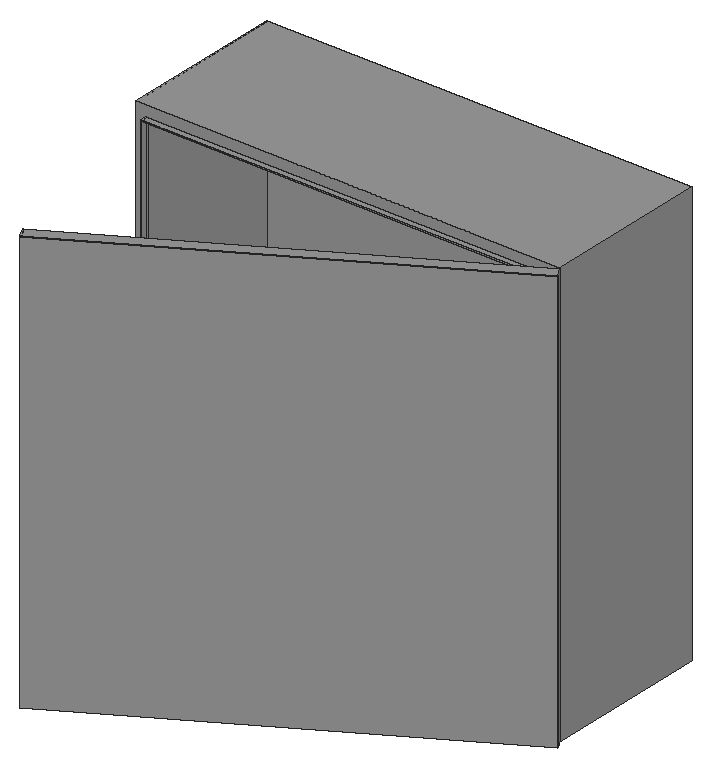
Revit family "Hager-Orion_Inox-IP65-D250-Cl.I-Inox_encl-630A-600mm-NoHosted-IT-it", category Equipement électrique, Revit 2020
Family settings
  Configuration du panneau = Deux colonnes, circuits au sein
  Cote de connecteur circulaire = Utiliser le diamètre
  Type d'élément = Tableau de raccordement
  Basée sur le plan de construction = Oui
  Toujours verticalement = Oui
  Couper avec des vides une fois chargée = Non
  Partagée = Non
  Point de calcul de pièce = Non
Parameters (values of type "incassato IP65 L600 A600 P250  - FL717BW")
  Width Control [instance] = if([EF000008 - Larghezza] > Min Width, [EF000008 - Larghezza], Min Width)  # 600 mm
  Commentaires du type = [HG000003 - Gamma]  # "Orion Inox"
  Thickness Door [instance] = if([EF009171 - spessore materiale porta/coperchio] > 3 mm, 3 mm, [EF009171 - spessore materiale porta/coperchio])  # 1.5 mm
  Seal Frame Offset [instance] = 17 mm  # constant formula
  Min Width [instance] = 100 mm  # constant formula
  Min Depth [instance] = (2 * [EF009170 - spessore materiale scatola]) + 1 mm  # 3.4 mm
  Min Height [instance] = 100 mm  # constant formula
  Internal Frame Depth [instance] = -(Door System Depth * 0.5)  # -9 mm
  Panel Name [instance] = ""  # (empty or 0)
  Model = ""
  HG000027 - Altezza dello zoccolo = 0 mm
  HG000026 - A pavimento = no
  HG000024 - Altezza della sezione inferiore = 600 mm
  HG000023 - Custodia a doppia sezione = no
  HG000016 - Visibilità delle porte nella vista 3D [instance] = yes
  HG000015 - Visibilità attraverso la porta [instance] = no
  HG000014 - Porta destra [instance] = yes
  HG000013 - Porta sinistra [instance] = not([HG000014 - Porta destra])  # no
  HG000012 - Angolo di apertura della porta [instance] = 30.00°
  HG000010 - Porte asimmetriche = no
  HG000009 - Porta doppia a battente = no
  HG000006 - Ad incasso = yes
  HG000004 - Codice produttore = "FL717BW"
  HG000003 - Gamma = "Orion Inox"
  HG000002 - Con porta = yes
  Frame Offset Bottom [instance] = 10 mm  # constant formula
  Frame Offset [instance] = 15 mm  # constant formula
  EF015940 - Coprire con rilascio di sovrapressione = no
  EF011959 - tipo di protezione (NEMA) = ""
  EF009554 - numero delle aperture per la piastra della flangia = 2
  EF009212 - esecuzione coperchio = "EV009916 - con taglio"
  EF009171 - spessore materiale porta/coperchio = 1.5 mm
  EF009170 - spessore materiale scatola = 1.2 mm
  EF008873 - corrente nominale (In) = 630 A
  EF007800 - adatto per parafulmine = no
  EF006306 - con serratura = yes
  EF006244 - coperchio/porta trasparente = no
  EF005474 - grado di protezione (IP) = "EV006421 - IP65"
  EF004464 - tipo di porta = "EV002646 - singolo"
  EF004427 - numero di moduli = 0
  EF004293 - resistenza agli urti = "EV008784 - IK10"
  EF003532 - adatto per uso esterno = yes
  EF002950 - Numero moduli DIN = 0
  EF001613 - Integrità del circuito = ""
  EF001596 - Attacco Lampada = "EV000166 - acciaio inossidabile"
  EF001131 - profondità interna = 250 mm
  EF001088 - possibilità di applicazione = no
  EF000437 - numero di ingressi per conduttori = 2
  EF000339 - tipo di copertura = "EV004216 - porta"
  EF000266 - numero di file = 0
  EF000218 - profondità di incasso = 0 mm
  EF000118 - con piastra di montaggio = yes
  EF000116 - numero RAL = ""
  EF000049 - profondità = 250 mm
  EF000040 - Altezza = 600 mm
  EF000008 - Larghezza = 600 mm
  EF000007 - colore = "EV000154 - altri"
  EF000003 - Tipo di montaggio = "EV001247 - apparente/incassato"
  Door System Leaf Tolerance [instance] = 1.5 mm  # constant formula
  Door System Depth [instance] = 18 mm  # constant formula
  Description = ""
  Default Elevation = 1219.2 mm
  Connector Offset [instance] = Height Control / 2  # 300 mm
  Fabricant = "Hager"  # constant formula
  Height Control [instance] = if([EF000040 - Altezza] > Min Height, [EF000040 - Altezza], Min Height)  # 600 mm
  Depth Control [instance] = if([EF000049 - profondità] > Min Depth, [EF000049 - profondità], Min Depth)  # 250 mm
Types (4, lengths in mm): name | Width Control | HG000006 - Ad incasso | HG000004 - Codice produttore | EF000008 - Larghezza
  apparente IP65 L400 A600 P250  - FL715BW | 400 | no | "FL715BW" | 400
  apparente IP65 L600 A600 P250  - FL717BW | 600 | no | "FL717BW" | 600
  incassato IP65 L400 A600 P250  - FL715BW | 400 | yes | "FL715BW" | 400
  incassato IP65 L600 A600 P250  - FL717BW | 600 | yes | "FL717BW" | 600
Reference planes
  plane 1 "Center (Front/Back)": y = 0
  plane 2: z = 0
  plane 3 "Center (Left/Right)": x = 0
  plane 4: y = 0
  plane 5: y = 0
  plane 6: z = 0
  plane 7: x = -300
  plane 8: x = 300
  plane 9: x = 298.8
  plane 10: x = -298.8
  plane 11: z = 0
  plane 12: z = 1.2
  plane 13: y = -250
  plane 14: y = -1.2
  plane 15: x = 0
  plane 16: y = -232
  plane 17: y = -248.8
  plane 18: y = -230.8
  plane 19: x = -283.8
  plane 20: x = 283.8
  plane 21: z = 11.2
  plane 22: x = -283
  plane 23: x = 283
  plane 24: z = 0
  plane 25: z = 600
  plane 26: z = 600
  plane 27: z = 583.8
  plane 28: z = 598.8
Forms (mm)
  Extrusion 1, solid, material "Hager_Stainless_Steel", detail levels medium+fine
    sketch origin (-208.679, -4572, 0) x (-1, 0, 0) y (0, -1, 0)
      loop
        line (91.321, -4340) -> (-508.679, -4340) -> (-508.679, -4572) -> (91.321, -4572) -> (91.321, -4340)
    from 0 to 600
  Extrusion 2, void
    sketch origin (-350.771, -250, 1219.2) x (1, 0, 0) y (0, 0, 1)
      loop
        line (51.971, -620.4) -> (51.971, -1218) -> (649.571, -1218) -> (649.571, -620.4) -> (51.971, -620.4)
    from -19.2 to -248.8
  Extrusion 3, void
    sketch origin (-290.084, -232, 1219.2) x (1, 0, 0) y (0, 0, 1)
      loop
        line (6.284, -1208) -> (573.884, -1208) -> (573.884, -635.4) -> (6.284, -635.4) -> (6.284, -1208)
    from 0 to -1.2
  Extrusion 4, solid, material "Hager_Stainless_Steel", detail levels fine
    sketch origin (-290.084, -232, 1219.2) x (-1, 0, 0) y (0, 0, 1)
      loop
        line (-573.884, -1208) -> (-6.284, -1208) -> (-6.284, -635.4) -> (-573.884, -635.4) -> (-573.884, -1208)
      loop
        line (-575.384, -1209.5) -> (-4.784, -1209.5) -> (-4.784, -633.9) -> (-575.384, -633.9) -> (-575.384, -1209.5)
    from 0 to -9 <- "Internal Frame Depth"
  Extrusion 5, solid, material "Hager_Stainless_Steel", detail levels coarse
    sketch origin (0, 0, 0) x (1, 0, 0) y (0, 1, 0)
      loop
        line (-300, 0) -> (-300, -250) -> (300, -250) -> (300, 0) -> (-300, 0)
    from 0 to 600 <- "Height Control"
Cuts and joins
  Extrusion 2, Extrusion 3 cuts Extrusion 1
Lines and regions (mm)
  Masking region 1
    outline origin (0, 0, 0) x (1, 0, 0) y (0, 1, 0)
      loop
        line (-300, 0) -> (-300, -250) -> (300, -250) -> (300, 0) -> (-300, 0)
  Masking region 2
    outline origin (-290.084, -232, 1219.2) x (-1, 0, 0) y (0, 0, 1)
      loop
        line (-590.084, -1219.2) -> (9.916, -1219.2) -> (9.916, -619.2) -> (-590.084, -619.2) -> (-590.084, -1219.2)
  Masking region 3, detail levels coarse
    outline origin (0, 0, 0) x (0, 1, 0) y (0, 0, 1)
      loop
        line (0, 0) -> (0, 600) -> (-250, 600) -> (-250, 0) -> (0, 0)
  Masking region 4, detail levels medium+fine
    outline origin (0, 0, 594.038) x (0, 1, 0) y (0, 0, 1)
      loop
        line (0, -594.038) -> (0, 5.962) -> (-232, 5.962) -> (-232, -594.038) -> (0, -594.038)
Dimensions and locks
  locked: plane 1 "Center (Front/Back)" to plane 5
  "EF009170 - spessore materiale scatola": plane 7 to plane 10
  "EF009170 - spessore materiale scatola": plane 8 to plane 9
  equal spacing: plane 7, plane 3 "Center (Left/Right)", plane 8
  "Width Control": plane 7 to plane 8
  "Depth Control": plane 4 to plane 13
  "EF009170 - spessore materiale scatola": plane 4 to plane 14
  "Height Control": plane 25 to level
  "EF009170 - spessore materiale scatola": plane 12 to plane 11
  "EF009170 - spessore materiale scatola": plane 17 to plane 13
  "EF009170 - spessore materiale scatola": plane 18 to plane 16
  "Frame Offset Bottom": plane 21 to plane 12
  "Frame Offset": plane 10 to plane 19
  "Frame Offset": plane 9 to plane 20
  "Door System Depth": plane 16 to plane 13
  "Seal Frame Offset": plane 7 to plane 22
  "Seal Frame Offset": plane 8 to plane 23
  "EF009170 - spessore materiale scatola": plane 26 to plane 28
  "Frame Offset": plane 28 to plane 27
  "Connector Offset": plane 2 to connector elem
  "Thickness Door": cut or joined group of Extrusion 1, Extrusion 2, Extrusion 3 to Extrusion 4 sketch curve
  "Thickness Door": Extrusion 4 sketch curve to plane 19
  "Thickness Door": Extrusion 4 sketch curve to plane 20
  "Thickness Door": Extrusion 4 sketch curve to plane 27
  aligned and locked: Extrusion 2 sketch curve to plane 12
  aligned and locked: Extrusion 2 sketch curve to plane 9
  aligned and locked: Extrusion 2 sketch curve to plane 10
  aligned and locked: plane 14 to Extrusion 2
  aligned and locked: plane 4 to Extrusion 1 sketch curve
  aligned and locked: plane 8 to Extrusion 1 sketch curve
  aligned and locked: plane 7 to Extrusion 1 sketch curve
  aligned and locked: Extrusion 2 to plane 18
  aligned and locked: Extrusion 3 sketch curve to plane 19
  aligned and locked: plane 20 to Extrusion 3 sketch curve
  aligned and locked: Extrusion 3 to Extrusion 2
  aligned and locked: Extrusion 3 sketch curve to plane 21
  aligned and locked: plane 3 "Center (Left/Right)" to nested 1
  aligned and locked: Extrusion 1 sketch curve to plane 16
  aligned and locked: Masking region 1 sketch curve to plane 7
  aligned and locked: Masking region 1 sketch curve to plane 5
  aligned and locked: Masking region 1 sketch curve to plane 8
  aligned and locked: Masking region 2 sketch curve to level
  aligned and locked: level to Masking region 3 sketch curve
  aligned and locked: plane 1 "Center (Front/Back)" to Masking region 3 sketch curve
  aligned and locked: plane 13 to Masking region 3 sketch curve
  aligned and locked: Masking region 2 sketch curve to plane 8
  aligned and locked: Masking region 2 sketch curve to plane 7
  aligned and locked: plane 7 to nested 2
  aligned and locked: nested 2 to plane 5
  aligned and locked: plane 5 to Masking region 4 sketch curve
  aligned and locked: plane 26 to Masking region 4 sketch curve
  aligned and locked: Extrusion 5 sketch curve to plane 8
  aligned and locked: Extrusion 5 sketch curve to plane 7
  aligned and locked: Extrusion 5 sketch curve to plane 5
  aligned and locked: Extrusion 3 sketch curve to plane 27
  aligned and locked: Extrusion 2 sketch curve to plane 28
  aligned and locked: Extrusion 4 sketch curve to plane 27
  aligned and locked: Extrusion 4 sketch curve to plane 20
  aligned and locked: Extrusion 4 sketch curve to plane 21
  aligned and locked: Extrusion 4 sketch curve to plane 19
  aligned and locked: Masking region 2 to plane 25
  aligned and locked: Masking region 4 sketch curve to plane 24
  aligned and locked: Masking region 1 to plane 13
  aligned and locked: nested 1 to plane 16
  aligned and locked: Masking region 3 to plane 25
  aligned and locked: Masking region 4 sketch curve to plane 16
  aligned and locked: plane 24 to plane 11
  aligned and locked: plane 26 to plane 25
  aligned and locked: level to plane 24
  aligned and locked: Extrusion 1 to Masking region 3
  aligned and locked: level to nested 1
Automatic sketch dimensions
  Extrusion 5 sketch curve to plane 13 = 0 mm
  plane 27 to Masking region 2 sketch curve = 16.2 mm
  plane 27 to Masking region 3 sketch curve = 16.2 mm
  Masking region 1 sketch curve to plane 13 = 0 mm
  Extrusion 3 sketch curve to plane 21 = 0 mm
  plane 19 to Extrusion 3 sketch curve = 0 mm
  Extrusion 3 sketch curve to plane 20 = 0 mm
Nested families
  nested 1: "EC000058_OrionInox_Door" at (0, -232, 0), Double <- "HG000009 - Porta doppia a battente", Transparent <- "EF006244 - coperchio/porta trasparente", Angle <- "HG000012 - Angolo di apertura della porta", Door_Right <- "HG000014 - Porta destra", Assymetrical <- "HG000010 - Porte asimmetriche", Door <- "HG000002 - Con porta", Width_Ctrl <- "Width Control", 3d_Door <- "HG000016 - Visibilità delle porte nella vista 3D", Clearance <- "HG000015 - Visibilità attraverso la porta", Door_Left <- "HG000013 - Porta sinistra", Width <- "Width Control", Door_Depth <- "Door System Depth", Leaf_Tolerance <- "Door System Leaf Tolerance", Height <- "Height Control", Thickness <- "Thickness Door", type "EC000058_OrionInox_Door", detail levels medium+fine
    with min_wh 4 mm, Width_Ctrl 600 mm, Width 600 mm, Transparent no, Thickness 1.5 mm, Seal_Material Hager_Rubber, Leaf_Width 600 mm, Leaf_Tolerance_External_Sides 0 mm, Leaf_Tolerance 1.5 mm, Leaf_Offset 0 mm, Leaf_Height 597 mm, Leaf_2_Width 600 mm, Leaf_2_Offset 300 mm, Leaf_1_Width 600 mm, Leaf_1_Offset 300 mm, Height_Ctrl 600 mm, Height 600 mm, Glass_Material Hager_Glass, Double_Clearance_Ctrl no, Double no, Door_Right_Ctrl yes, Door_Right yes, Door_Material Hager_Stainless_Steel, Door_Left_Ctrl no, Door_Left no, Door_Depth 18 mm, Door yes, Clearance_Material Hager_Clearance, Clearance_Depth 600 mm, Clearance_Ctrl no, Clearance no, Assymetrical no, Angle 30.00°, 3d_Door yes
  nested 2: "Hager_Enclosure_Symbol" at (-300, 0, 0), Height <- "Depth Control", Width <- "Width Control", type "Hager_Enclosure_Symbol"
    with Width_Ctrl 600 mm, Width 600 mm, Height_Ctrl 250 mm, Height 250 mm, A_Width_Int 16.406 mm, A_Width 196.875 mm, A_Height_Ctrl 218.75 mm, A_Height 218.75 mm
Connectors
  electrical at (0, 0, 300)
    settings: on plane 1 "Center (Front/Back)", index 1, voltage 0 V, apparent load 0 VA, apparent load phase1 0 VA, apparent load phase2 0 VA, apparent load phase3 0 VA, power factor 1, load classification "Other", number of poles 1, system type 30, power factor state 1, is connector primary yes, connector utility no, sub classification motor no, connector description ""
Definition of nested family "EC000058_OrionInox_Door"
  Parameters (values of type "EC000058_OrionInox_Door")
    min_wh [instance] = (2 * Thickness) + 1 mm  # 11 mm
    Width_Ctrl [instance] = 400 mm
    Width [instance] = 500 mm
    Transparent [instance] = yes
    Thickness [instance] = 5 mm
    Seal_Material [instance] = none
    Leaf_Width [instance] = if((Width_Ctrl - 2 * Leaf_Tolerance_External_Sides) > 0 mm, (Width_Ctrl - 2 * Leaf_Tolerance_External_Sides), min_wh)  # 400 mm
    Leaf_Tolerance_External_Sides [instance] = 0 mm  # constant formula
    Leaf_Tolerance [instance] = 1.5 mm
    Leaf_Offset [instance] = 0 mm  # constant formula
    Leaf_Height [instance] = if((Height_Ctrl - 2 * Leaf_Tolerance) > 0 mm, (Height_Ctrl - 2 * Leaf_Tolerance), min_wh)  # 497 mm
    Leaf_2_Width [instance] = if(and(and(Double, Assymetrical), Door_Left), (Leaf_Width / 3) - (Leaf_Tolerance / 2), if(and(and(Double, Assymetrical), Door_Right), (Leaf_Width / 3) * 2 - (Leaf_Tolerance / 2), if(and(Double, not(Assymetrical)), (Leaf_Width / 2) - Leaf_Tolerance, Leaf_Width)))  # 400 mm
    Leaf_2_Offset [instance] = if(and(Double, Assymetrical), Leaf_2_Width / 2, if(and(Double, not(Assymetrical)), Leaf_Width / 4, Leaf_Width / 2))  # 200 mm
    Leaf_1_Width [instance] = if(and(and(Double, Assymetrical), Door_Right), (Leaf_Width / 3) - (Leaf_Tolerance / 2), if(and(and(Double, Assymetrical), Door_Left), (Width / 3) * 2 - (Leaf_Tolerance / 2), if(and(Double, not(Assymetrical)), (Leaf_Width / 2) - Leaf_Tolerance, Leaf_Width)))  # 400 mm
    Leaf_1_Offset [instance] = if(and(Double, Assymetrical), Leaf_1_Width / 2, if(and(Double, not(Assymetrical)), Leaf_Width / 4, Leaf_Width / 2))  # 200 mm
    Height_Ctrl [instance] = if(Height > min_wh, Height, min_wh)  # 500 mm
    Height [instance] = 500 mm
    Glass_Material [instance] = none
    Double_Clearance_Ctrl [instance] = and(Double, Clearance)  # no
    Double [instance] = no
    Door_Right_Ctrl [instance] = and(or(Door_Right, Double), Door)  # yes
    Door_Right [instance] = yes
    Door_Material [instance] = none
    Door_Left_Ctrl [instance] = and(or(Door_Left, Double), Door)  # no
    Door_Left [instance] = no
    Door_Depth [instance] = 30 mm
    Door [instance] = yes
    Default Elevation = 1219.2 mm
    Clearance_Material [instance] = none
    Clearance_Depth [instance] = if(Leaf_1_Width > Leaf_2_Width, Leaf_1_Width, Leaf_2_Width)  # 400 mm
    Clearance_Ctrl [instance] = and(not(Double), Clearance)  # yes
    Clearance [instance] = yes
    Assymetrical [instance] = yes
    Angle [instance] = 30.00°
    3d_Door [instance] = yes
  Reference planes
    plane 1 "Center (Front/Back)": y = 0
    plane 2 "Bottom": z = 0
    plane 3 "Center (Left/Right)": x = 0
    plane 4: z = 500
    plane 5: x = -200
    plane 6: x = 200
    plane 7: z = 500
    plane 8: x = -200
    plane 9: z = 0
    plane 10: x = 200
    plane 11: y = 0
    plane 12: z = 1.5
    plane 13: x = -600
    plane 14: y = -400
    plane 15: x = 600
    plane 16: x = 0
    plane 17: x = 0
    plane 18: x = -200
    plane 19: x = 200
    plane 20: z = 498.5
  Forms (mm)
    Extrusion 1, solid, material <- "Clearance_Material", visible <- "Double_Clearance_Ctrl"
      sketch origin (1200, 0, 0) x (1, 0, 0) y (0, 0, -1)
        loop
          line (-1800, -498.5) -> (-600, -498.5) -> (-600, 0) -> (-1800, 0) -> (-1800, -498.5)
      from 0 to -400
  Dimensions and locks
    equal spacing: plane 5, plane 3 "Center (Left/Right)", plane 6
    "Width_Ctrl": plane 5 to plane 6
    "Leaf_Offset": plane 5 to plane 8
    "Leaf_Offset": plane 6 to plane 10
    "Leaf_Offset": plane 9 to level
    "Leaf_Offset": plane 4 to plane 7
    "Height_Ctrl": plane 4 to level
    "Leaf_Tolerance": plane 12 to plane 9
    locked: plane 11 to plane 1 "Center (Front/Back)"
    "Leaf_1_Offset": plane 18 to plane 16
    "Leaf_2_Offset": plane 17 to plane 19
    "Leaf_1_Width": plane 13 to plane 8
    "Leaf_2_Width": plane 10 to plane 15
    "Clearance_Depth": plane 14 to plane 1 "Center (Front/Back)"
    "Leaf_Tolerance_External_Sides": plane 8 to plane 18
    "Leaf_Tolerance_External_Sides": plane 19 to plane 10
    "Leaf_Tolerance": plane 7 to plane 20
    aligned and locked: level to plane 2 "Bottom"
    aligned and locked: nested 1 to plane 16
    aligned and locked: nested 2 to plane 17
    aligned and locked: Extrusion 1 to plane 13
    aligned and locked: plane 15 to Extrusion 1
    aligned and locked: Extrusion 1 to plane 14
    aligned and locked: plane 12 to nested 1
    aligned and locked: nested 2 to plane 12
    aligned and locked: Extrusion 1 to plane 11
    aligned and locked: plane 20 to Extrusion 1
    aligned and locked: nested 2 to plane 11
    aligned and locked: nested 1 to plane 11
  Automatic sketch dimensions
    Extrusion 1 sketch curve to level = 0 mm
    plane 5 to Extrusion 1 sketch curve = 400 mm
    plane 6 to Extrusion 1 sketch curve = 400 mm
    Extrusion 1 sketch curve to plane 4 = 1.5 mm
  Nested families
    nested 1: "EC000058_OrionInox_Door_Leaf" at (0, 0, 1.5), Width <- "Leaf_1_Width", visible <- "Door_Left_Ctrl", Leaf_Height <- "Leaf_Height", Angle <- "Angle", 3d_Door <- "3d_Door", Transparent <- "Transparent", Clearance Material <- "Clearance_Material", Clearance <- "Clearance_Ctrl", Door_Material <- "Door_Material", Glass_Material <- "Glass_Material", Door_Depth <- "Door_Depth", Seal_Material <- "Seal_Material", Thickness <- "Thickness", type "EC000058_OrionInox_Door_Leaf"
      with Width 400 mm, Transparent_Ctrl yes, Transparent yes, Thickness 5 mm, Standard no, Seal_Material none, Seal_D2 8 mm, Seal_D1 1 mm, Offset_Internal_Frame 10 mm, Lock_Width 28 mm, Lock_Thickness 2 mm, Lock_Radius 6 mm, Leaf_Height 497 mm, Internal_Seal_Thickness 8 mm, Internal_Seal_Depth_2 4.5 mm, Internal_Frame_Depth 25 mm, Glass_Thickness -1 mm, Glass_Offset -2 mm, Glass_Material none, Door_Material none, Door_Depth 30 mm, Clearance Material none, Clearance yes, Angle_Ctrl 30.00°, Angle 30.00°, 3d_Door yes
    nested 2: "EC000058_OrionInox_Door_Leaf" at (0, 0, 1.5) x (-1, 0, 0) z (0, 0, 1), Width <- "Leaf_2_Width", visible <- "Door_Right_Ctrl", Leaf_Height <- "Leaf_Height", Angle <- "Angle", 3d_Door <- "3d_Door", Transparent <- "Transparent", Clearance Material <- "Clearance_Material", Clearance <- "Clearance_Ctrl", Door_Material <- "Door_Material", Glass_Material <- "Glass_Material", Door_Depth <- "Door_Depth", Seal_Material <- "Seal_Material", Thickness <- "Thickness", type "EC000058_OrionInox_Door_Leaf"
      with Width 400 mm, Transparent_Ctrl yes, Transparent yes, Thickness 5 mm, Standard no, Seal_Material none, Seal_D2 8 mm, Seal_D1 1 mm, Offset_Internal_Frame 10 mm, Lock_Width 28 mm, Lock_Thickness 2 mm, Lock_Radius 6 mm, Leaf_Height 497 mm, Internal_Seal_Thickness 8 mm, Internal_Seal_Depth_2 4.5 mm, Internal_Frame_Depth 25 mm, Glass_Thickness -1 mm, Glass_Offset -2 mm, Glass_Material none, Door_Material none, Door_Depth 30 mm, Clearance Material none, Clearance yes, Angle_Ctrl 30.00°, Angle 30.00°, 3d_Door yes
  Definition of nested family "EC000058_OrionInox_Door_Leaf"
    Parameters (values of type "EC000058_OrionInox_Door_Leaf")
      Width [instance] = 450 mm
      Transparent_Ctrl [instance] = and(Transparent, [3d_Door])  # yes
      Transparent [instance] = yes
      Thickness [instance] = 5 mm
      Standard [instance] = and(not(Transparent), [3d_Door])  # no
      Seal_Material [instance] = none
      Seal_D2 [instance] = 8 mm  # constant formula
      Seal_D1 [instance] = 1 mm  # constant formula
      Offset_Internal_Frame [instance] = 10 mm  # constant formula
      Lock_Width [instance] = Door_Depth - Lock_Thickness  # 28 mm
      Lock_Thickness [instance] = 2 mm  # constant formula
      Lock_Radius [instance] = 6 mm  # constant formula
      Leaf_Height [instance] = 450 mm
      Internal_Seal_Thickness [instance] = 8 mm  # constant formula
      Internal_Seal_Depth_2 [instance] = 4.5 mm  # constant formula
      Internal_Frame_Depth [instance] = if(Door_Depth - Thickness > 5 mm, Door_Depth - Thickness, 5 mm)  # 25 mm
      Glass_Thickness [instance] = if(Thickness > 15 mm, Glass_Offset + 10 mm, -1 mm)  # -1 mm
      Glass_Offset [instance] = if(Thickness > 15 mm, -(Thickness + 10 mm) / 2, -2 mm)  # -2 mm
      Glass_Material [instance] = none
      Door_Material [instance] = none
      Door_Depth [instance] = 30 mm
      Default Elevation = 0 mm
      Clearance Material [instance] = none
      Clearance [instance] = yes
      Angle_Ctrl [instance] = if(Angle > 180.00°, 180.00°, Angle)  # 90.00°
      Angle [instance] = 90.00°
      3d_Door [instance] = yes
    Reference planes
      plane 1 "Center (Front/Back)": y = 0
      plane 2: z = 0
      plane 3 "Center (Left/Right)": x = 0
      plane 4: y = 450
      plane 5: x = -225
      plane 6: x = 225
      plane 7: x = -675
      plane 8: z = 450
      plane 9: z = 30
      plane 10: z = 420
      plane 11: x = 195
      plane 12: x = -195
      plane 13: y = -3
      plane 14: z = 107.833
      plane 15: y = -5
      plane 16: y = -223.314
      plane 17: x = -225
      plane 18: y = 30
    Forms (mm)
      Extrusion 1, solid, material <- "Clearance Material", visible <- "Clearance"
        sketch origin (0, 0, 0) x (1, 0, 0) y (0, 0, 1)
          loop
            line (-675, 450) -> (-675, 0) -> (225, 0) -> (225, 450) -> (-675, 450)
        from 0 to -450
      Extrusion 2, solid, material <- "Door_Material", visible <- "Standard", detail levels medium+fine
        sketch origin (-225, 0, 0) x (0, 1, 0) y (-1, 0, 0)
          loop
            line (0, 30) -> (0, 25) -> (450, 25) -> (450, 30) -> (0, 30)
        from 0 to 450 <- "Leaf_Height"
      Extrusion 3, solid, material <- "Door_Material", visible <- "Transparent_Ctrl", detail levels medium+fine
        sketch origin (-225, 0, 0) x (0, 1, 0) y (-1, 0, 0)
          loop
            line (0, 25) -> (450, 25) -> (450, 30) -> (0, 30) -> (0, 25)
        from 0 to 450 <- "Leaf_Height"
      Extrusion 4, void
        sketch origin (-250, 450, 0) x (0, 1, 0) y (0, 0, -1)
          loop
            line (-30, -420) -> (-30, -30) -> (-420, -30) -> (-420, -420) -> (-30, -420)
        from 0 to 5 <- "Thickness"
      Sweep 5, solid, material <- "Seal_Material", visible <- "Transparent_Ctrl", detail levels fine
        path in 3D
          loop
            line (-250, 30, 30) -> (-250, 30, 420) -> (-250, 420, 420) -> (-250, 420, 30) -> (-250, 30, 30)
        profile origin (-250, 225, 30) x (1, 0, 0) y (0, 0, 1)
          loop
            line (0, 0) -> (0, -8) -> (1, -8) -> (1, 0) -> (0, 0)
      Extrusion 6, solid, material <- "Glass_Material", visible <- "Transparent_Ctrl", detail levels medium+fine
        sketch origin (-255, 0, 0) x (0, 1, 0) y (0, 0, -1)
          loop
            line (420, -420) -> (420, -30) -> (30, -30) -> (30, -420) -> (420, -420)
        from -2 <- "Glass_Offset" to -1 <- "Glass_Thickness"
      Extrusion 7, solid, material <- "Door_Material", visible <- "3d_Door", detail levels medium+fine
        sketch origin (-250, 450, 0) x (0, -1, 0) y (0, 0, -1)
          loop
            line (0, -450) -> (450, -450) -> (450, 0) -> (0, 0) -> (0, -450)
          loop
            line (445, -5) -> (5, -5) -> (5, -445) -> (445, -445) -> (445, -5)
        from 0 to 25 <- "Internal_Frame_Depth"
      Sweep 8, solid, material <- "Seal_Material", visible <- "Transparent_Ctrl", detail levels fine
        path in 3D
          loop
            line (-250, 0, 0) -> (-250, 450, 0) -> (-250, 450, 450) -> (-250, 0, 450) -> (-250, 0, 0)
        profile origin (-250, 0, 225) x (1, 0, 0) y (0, 1, 0)
          loop
            line (0, 10) -> (2.975, 10)
            arc (2.975, 10) -> (4.053, 10.447) -> (4.5, 11.525) r 1.525
            line (4.5, 11.525) -> (4.5, 16.527)
            arc (4.5, 16.527) -> (4.069, 17.569) -> (3.027, 18) r 1.473
            line (3.027, 18) -> (0, 18) -> (0, 10)
    Cuts and joins
      Extrusion 4 cuts Extrusion 3
    Lines and regions (mm)
      Masking region 1, detail levels medium+fine
        outline origin (0, 0, 0) x (0, 1, 0) y (0, 0, 1)
          loop
            line (0, 0) -> (30, 0) -> (30, 450) -> (0, 450) -> (0, 0)
      Masking region 2, detail levels medium+fine
        outline origin (0, 0, 0) x (1, 0, 0) y (0, 0, 1)
          loop
            line (-225, 450) -> (-225, 0) -> (225, 0) -> (225, 450) -> (-225, 450)
      symbolic lines
        curve 1: line (225, 0, 0) -> (-675, 0, 0)
        curve 2: arc (225, 0, 0) -> (-225, 450, 0) -> (-675, 0, 0) r 450
        curve 4: line (-255, 0, 0) -> (-255, 450, 0)
      reference lines
        curve 3: line (-225, 0, 0) -> (-225, 450, 0)
      symbolic lines, detail levels medium+fine
        curve 5: line (-255, 450, 0) -> (-250, 450, 0)
        curve 7: line (-250, 0, 0) -> (-255, 0, 0)
        curve 8: line (-250, 0, 0) -> (-225, 0, 0)
        curve 9: line (-225, 0, 0) -> (-225, 450, 0)
        curve 10: line (-225, 450, 0) -> (-250, 450, 0)
      symbolic lines, detail levels fine
        curve 6: line (-250, 450, 0) -> (-250, 0, 0)
      sketch lines
        curve 11: line (-250, 0, 450) -> (-250, 0, 0)
        curve 12: line (-250, 450, 0) -> (-250, 0, 0)
        curve 13: line (-250, 450, 450) -> (-250, 450, 0)
        curve 14: line (-250, 0, 450) -> (-250, 450, 450)
        curve 15: line (-250, 420, 30) -> (-250, 30, 30)
        curve 16: line (-250, 30, 30) -> (-250, 30, 420)
        curve 17: line (-250, 420, 420) -> (-250, 420, 30)
        curve 18: line (-250, 30, 420) -> (-250, 420, 420)
      symbolic lines, visible <- "Transparent", detail levels medium+fine
        curve 19: line (-195, 0, 420) -> (195, 0, 420)
        curve 20: line (-195, 0, 30) -> (-195, 0, 420)
        curve 21: line (195, 0, 30) -> (-195, 0, 30)
        curve 22: line (195, 0, 420) -> (195, 0, 30)
    Dimensions and locks
      "Width": plane 1 "Center (Front/Back)" to plane 4
      equal spacing: plane 5, plane 3 "Center (Left/Right)", plane 6
      "Width": plane 5 to plane 6
      "Width": plane 7 to plane 5
      "Leaf_Height": plane 8 to level
      "Width": curve 5 to curve 3
      "Width": curve 3 to curve 3
      plane 8 to plane 10 = 30 mm
      plane 9 to level = 30 mm
      plane 12 to plane 5 = 30 mm
      plane 6 to plane 11 = 30 mm
      Extrusion 4 sketch curve to Extrusion 3 = 30 mm
      Extrusion 3 to Extrusion 4 sketch curve = 30 mm
      Extrusion 1 to Extrusion 4 sketch curve = 30 mm
      curve 3 to Extrusion 4 sketch curve = 30 mm
      Extrusion 4 sketch curve to cut or joined group of Extrusion 3, Extrusion 4 = 30 mm
      cut or joined group of Extrusion 3, Extrusion 4 to Extrusion 6 sketch curve = 30 mm
      cut or joined group of Extrusion 3, Extrusion 4 to Extrusion 4 sketch curve = 30 mm
      "Thickness": curve 6 to curve 4
      "Thickness": Extrusion 7 sketch curve to Extrusion 7 sketch curve  (x4)
      "Door_Depth": curve 4 to curve 3
      "Offset_Internal_Frame": profile plane to Sweep 8 sketch curve
      "Internal_Seal_Thickness": Sweep 8 sketch curve to Sweep 8 sketch curve
      "Internal_Seal_Depth_2": profile plane to Sweep 8 sketch curve
      "Seal_D1": profile plane to Sweep 5 sketch curve
      "Seal_D2": profile plane to Sweep 5 sketch curve
      "Thickness": Extrusion 2 sketch curve to Extrusion 2 sketch curve
      "Door_Depth": plane 18 to plane 1 "Center (Front/Back)"
      radius of Sweep 8 sketch curve = 1.525 mm
      radius of Sweep 8 sketch curve = 1.473 mm
      "Angle_Ctrl": angle plane 1 "Center (Front/Back)" to curve 3
      aligned and locked: level to plane 2
      aligned and locked: Extrusion 1 to curve 1
      aligned and locked: plane 6 to Extrusion 1
      aligned and locked: plane 1 "Center (Front/Back)" to Extrusion 1
      aligned and locked: plane 4 to Extrusion 1
      aligned and locked: plane 8 to Extrusion 1
      aligned and locked: curve 7 to Extrusion 2 sketch curve
      aligned and locked: curve 5 to Extrusion 2 sketch curve
      aligned and locked: curve 7 to Extrusion 3 sketch curve
      aligned and locked: Extrusion 3 sketch curve to curve 4
      aligned and locked: Extrusion 3 sketch curve to curve 6
      aligned and locked: Extrusion 3 sketch curve to curve 5
      aligned and locked: curve 9 to curve 3
      aligned and locked: Extrusion 7 sketch curve to cut or joined group of Extrusion 3, Extrusion 4  (x4)
      aligned and locked: plane 17 to curve 3
      aligned and locked: plane 1 "Center (Front/Back)" to curve 3
      aligned and locked: plane 17 to plane 5
      aligned and locked: Sweep 8 sketch curve to profile plane
      aligned and locked: Sweep 5 sketch curve to profile plane  (x2)
      aligned and locked: plane 1 "Center (Front/Back)" to Masking region 1 sketch curve
      aligned and locked: plane 18 to Masking region 1 sketch curve
      aligned and locked: level to Masking region 1 sketch curve
      aligned and locked: Masking region 1 sketch curve to plane 8
      aligned and locked: plane 17 to Masking region 2 sketch curve
      aligned and locked: level to Masking region 2 sketch curve
      aligned and locked: Masking region 2 sketch curve to plane 8
      aligned and locked: plane 12 to curve 20
      aligned and locked: plane 10 to curve 19
      aligned and locked: plane 11 to curve 22
      aligned and locked: plane 9 to curve 21
      aligned and locked: Extrusion 2 sketch curve to cut or joined group of Extrusion 3, Extrusion 4
    Automatic sketch dimensions
      plane 1 "Center (Front/Back)" to curve 2 = 0 mm
      curve 2 to plane 5 = 0 mm
      Extrusion 1 sketch curve to level = 0 mm
      Extrusion 1 sketch curve to plane 7 = 0 mm
      Extrusion 1 sketch curve to plane 6 = 0 mm
      Extrusion 1 sketch curve to plane 8 = 0 mm
      Extrusion 3 to Extrusion 6 sketch curve = 30 mm  (x4)
      Masking region 2 sketch curve to plane 6 = 0 mm
      curve 4 to curve 3 = 0 mm
Definition of nested family "Hager_Enclosure_Symbol"
  Parameters (values of type "Hager_Enclosure_Symbol")
    Width_Ctrl [instance] = if(Width > 1 mm, Width, 1 mm)  # 102.27 mm
    Width [instance] = 102.27 mm
    Height_Ctrl [instance] = if(Height > 1 mm, Height, 1 mm)  # 66.5 mm
    A_Width_Int [instance] = if(A_Width / 12 > 2 mm, A_Width / 12, 2 mm)  # 4.364 mm
    A_Width [instance] = if(A_Height_Ctrl * 0.9 > 2 mm, A_Height_Ctrl * 0.9, 2 mm)  # 52.369 mm
    A_Height_Ctrl [instance] = if(A_Height > 2 mm, A_Height, 2 mm)  # 58.188 mm
    Height [instance] = 66.5 mm
    A_Height [instance] = Height - (Height / 8)  # 58.188 mm
  Reference planes
    plane 1 "Centre (avant/arrière)": y = 0
    plane 2: z = 0
    plane 3 "Centre (gauche/droite)": x = 0
    plane 4: x = 52.369
    plane 5: y = 33.042
    plane 6: y = 41.77
    plane 7: y = 66.5
    plane 8: x = 26.184
    plane 9: y = 37.406
    plane 10: x = 102.27
    plane 11: y = 66.5
    plane 12: y = 8.313
  Lines and regions (mm)
    Filled region 1, type "Solid_Black", in view "Niveau de réf."
      outline origin (0, 0, 0) x (1, 0, 0) y (0, 1, 0)
        loop
          line (52.369, 66.5) -> (33.188, 54.536) -> (45.365, 45.006) -> (52.369, 66.5)
    Filled region 2, type "Solid_Black", in view "Niveau de réf."
      outline origin (0, 0, 0) x (1, 0, 0) y (0, 1, 0)
        loop
          line (0, 0) -> (102.27, 0) -> (102.27, 66.5) -> (0, 0)
    detail lines, in view "Niveau de réf."
      curve 1: line (0, 8.313, 0) -> (26.184, 41.77, 0)
      curve 2: line (26.184, 41.77, 0) -> (26.184, 33.042, 0)
      curve 3: line (26.184, 33.042, 0) -> (52.369, 66.5, 0)
  Dimensions and locks
    "A_Width": plane 3 "Centre (gauche/droite)" to plane 4
    equal spacing: plane 3 "Centre (gauche/droite)", plane 8, plane 4
    equal spacing: plane 6, plane 9, plane 5
    equal spacing: curve 3, Filled region 1 sketch curve, Filled region 1 sketch curve
    "Height_Ctrl": plane 1 "Centre (avant/arrière)" to plane 11
    "A_Height_Ctrl": plane 11 to plane 12
    equal spacing: plane 11, plane 9, plane 12
    "A_Width_Int": plane 6 to plane 9
    "Width_Ctrl": plane 3 "Centre (gauche/droite)" to plane 10
    angle Filled region 1 sketch curve to curve 3 = 20.00°
    angle curve 3 to Filled region 1 sketch curve = 20.00°
    locked: curve 3 to Filled region 1 sketch curve (angle 90.00°)
    aligned and locked: plane 10 to Filled region 2
    aligned and locked: plane 11 to Filled region 2 sketch curve
    aligned and locked: plane 10 to Filled region 2 sketch curve
    aligned and locked: plane 3 "Centre (gauche/droite)" to curve 1
    aligned and locked: plane 12 to curve 1
    aligned and locked: plane 7 to plane 11
  Automatic sketch dimensions
    Filled region 1 sketch curve to plane 4 = 0 mm
    Filled region 1 sketch curve to plane 7 = 0 mm
    plane 1 "Centre (avant/arrière)" to Filled region 2 sketch curve = 0 mm
    Filled region 2 sketch curve to plane 3 "Centre (gauche/droite)" = 0 mm
    curve 2 to plane 6 = 0 mm
    curve 2 to plane 8 = 0 mm
    curve 3 to plane 4 = 0 mm
    curve 2 to plane 5 = 0 mm
    curve 3 to plane 7 = 0 mm
